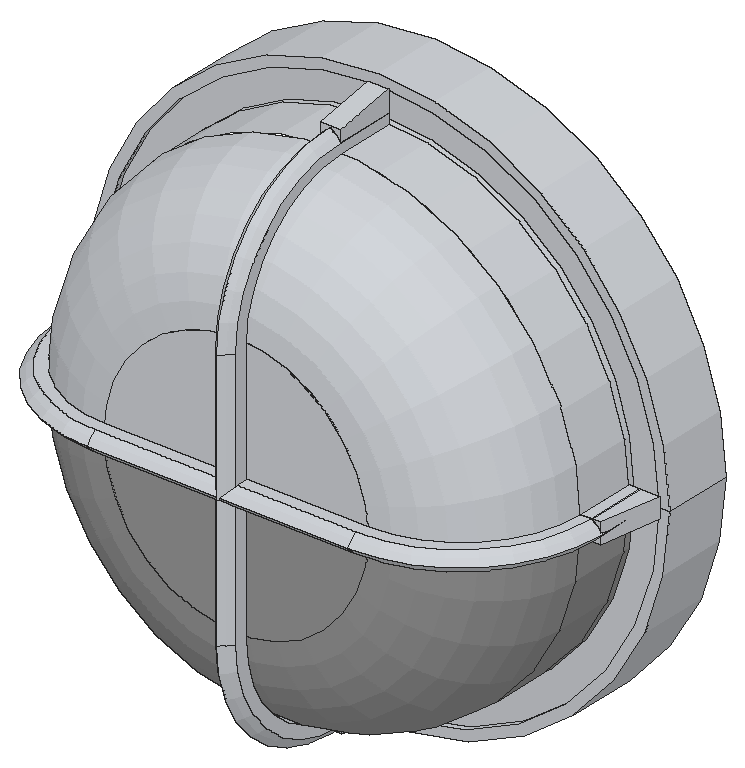
Revit family "O10-S290-E LED 500 AC 840 BL_Vertical Wall", category Lighting Fixtures, Revit 2016
Family settings
  Part Type = Normal
  Round Connector Dimension = Use Diameter
  OmniClass Number = 23.80.70.00
  OmniClass Title = Lighting
  Work Plane-Based = No
  Always vertical = Yes
  Cut with Voids When Loaded = No
  Light Source = Yes
  Shared = No
  Room Calculation Point = No
Parameters
  Wiring Accessories = ""
  Wattage Comments = ""
  Wattage = 12 W
  VoltageMax = 240 V
  built-in parameter 1150110 = 1 (stored number, unit not read)
  Voltage = 220 V
  UpdateDate = "27.04.2018 10:30:07"
  URL UK = "http://glamox.com/uk/products/O10-S290/items/O10314300"
  URL Sweden = "http://glamox.com/se/produkter/O10-S290/items/O10314300"
  URL Russia = "http://glamox.com/ru/products/O10-S290/items/O10314300"
  URL Other = "http://glamox.com/gsx/products/O10-S290/items/O10314300"
  URL Norway = "http://glamox.com/no/produkter/O10-S290/items/O10314300"
  URL Ireland = "http://glamox.com/ie/products/O10-S290/items/O10314300"
  URL Germany = "http://glamox.com/de/products/O10-S290/items/O10314300"
  URL Finland = "http://glamox.com/fi/products/O10-S290/items/O10314300"
  URL Estonia = "http://glamox.com/ee/products/O10-S290/items/O10314300"
  URL Denmark = "http://glamox.com/dk/produkter/O10-S290/items/O10314300"
  URL = ""
  TypeOfEmergency = ""
  TypeOfBallast = ""
  TotalWattage = 12 W
  Total Load = 12 W
  built-in parameter 1114217 = 1 (stored number, unit not read)
  Top Radius = Radius - 32.5 mm  # 112.5 mm
  Tilt Angle = 90.00°
  Termination = "5x2x2,5 PI"
  built-in parameter 1150109 = 1 (stored number, unit not read)
  built-in parameter 1150134 = (empty or 0)
  built-in parameter 1150113 = 1 (stored number, unit not read)
  Specification = "Outdoor product, in Aluminium, for Surface/Wall mounting, impact classification IK10, IP66, light source LED, lumen out 435lm, ballast type AC, with light source type CRI>80, 4000K, with Polycarbonate diffuser."
  Remark = ""
  RatedVoltage = 220 V
  PowerFactor = 98.00%
  Power Factor = 0.98
  Plug Type = ""
  Photometric Web File = "O10-S290-E-LED-500-840.ies"
  Optic = ""
  Number of Poles = 1
  NominalFrequencyRange = 50 Hz
  ModelReference = "O10-S290"
  ModelLabel = "O10-S290-E LED 500 AC 840 BL"
  Maximum TA = 40
  MaintenanceFactor = 0
  MFArtNo = "O10314300"
  LumDiameter = Diameter  # 290 mm
  Load Classification [instance] = Lighting
  Model = ""
  Manufacturer = "Glamox"
  Lumens = 435 lm
  built-in parameter 1150115 = 1 (stored number, unit not read)
  built-in parameter 1150105 = 34.616 (stored number, unit not read)
  LightFixturePlacingType = "WALL"
  LightFixtureMountingType = "SURFACE"
  built-in parameter 1150137 = (empty or 0)
  built-in parameter 1150139 = (empty or 0)
  LampBase = ""
  Lamp Wattage Comments = ""
  built-in parameter 1150112 = 1 (stored number, unit not read)
  built-in parameter 1150114 = 1 (stored number, unit not read)
  Lamp = "LED"
  built-in parameter 1150132 = 2
  built-in parameter 1150102 = (empty or 0)
  built-in parameter 1150138 = (empty or 0)
  built-in parameter 1150107 = 3000 (stored number, unit not read)
  built-in parameter 1150106 = 0.34616 (stored number, unit not read)
  IP_Code = "66"
  IPClass = "66"
  IK_Code = ""
  IFC Classification = "Light Fixture"
  Height = 149 mm
  GlobalTradeItemNumber = "4741145295499"
  Glamox Mounting = "Surface"
  Glamox Family = "O10-S290"
  Glamox Category = "Outdoor"
  FrequencyMax = 60 Hz
  Frequency = 50 Hz
  Expired = "0"
  Emit from Circle Diameter = LumDiameter  # 290 mm
  Emit Shape Visible in Rendering = yes
  built-in parameter 1150104 = 3.3677 (stored number, unit not read)
  ELNo Norway = ""
  ELNo Finland = ""
  EANNo = "4741145295499"
  DurationInBatteryMode = ""
  Dimming Lamp Color Temperature Shift = Incandescent Lamp Curve
  Diameter = 290 mm
  Description = "O10-S290-E LED 500 AC 840 BL"
  Cut Out = ""
  Completion = ""
  Color Filter = 16777215
  Radius = Diameter / 2  # 145 mm
  Body Material and Colour = Default
  built-in parameter 1114218 = 1 (stored number, unit not read)
  built-in parameter 1150133 = 10 (stored number, unit not read)
  Assembly Code = ""
  ArticleNumber = "O10314300"
  Apparent Load = Total Load / Power Factor  # 12.2449 VA
  #Ballast = 1
  # ballast on a MCB16 type C fuse = "176"
  # ballast on a MCB16 type B fuse = "130"
Reference planes
  plane 1 "Light Source Axis (F/B)": y = 0.31
  plane 2: z = 0
  plane 3 "Light Source Axis (L/R)": x = 0
  plane 4 "Light Source Elevation": z = 0
  plane 5: x = 0
  plane 6: y = 0.31
Forms (mm)
  Revolve 1, solid
    sketch origin (0, 0, -1.079) x (-1, 0, 0) y (0, -0.999999, -0.001408)
      loop
        arc (-66, 140.079) -> (-107.719, 122.798) -> (-125, 81.079) r 59
        line (-125, 81.079) -> (-125, 51.079) -> (-125, 48.126) -> (-140, 48.126) -> (-140, 51.079) -> (-145, 51.079) -> (-145, 16.079) -> (-125, 16.079) -> (-125, 0) -> (0, 0) -> (0, 140.079) -> (-66, 140.079)
      axis (0, 140.079) -> (0, 0)
    angle from 0 to 360
  Extrusion 2, solid
    sketch origin (0, 0, -1.079) x (-1, 0, 0) y (0, -0.999999, -0.001408)
      loop
        line (-140, 51.079) -> (-125, 51.079) -> (-125, 81.079) -> (-134.828, 81.079) -> (-140, 51.079)
    from -5 to 5
  Extrusion 3, solid
    sketch origin (0, 0, -1.079) x (1, 0, 0) y (0, 0.999999, 0.001408)
      loop
        line (-140, -51.079) -> (-134.916, -81.079) -> (-125, -81.079) -> (-125, -51.079) -> (-140, -51.079)
    from -5 to 5
  Extrusion 4, solid
    sketch origin (0, 0, -1.079) x (0, 0.001408, -0.999999) y (0, -0.999999, -0.001408)
      loop
        line (140, 51.079) -> (135.076, 81.079) -> (125.456, 81.079) -> (125.456, 51.079) -> (140, 51.079)
    from -5.31 to 4.69
  Extrusion 5, solid
    sketch origin (0, 0, -1.079) x (0, -0.001408, 0.999999) y (0, 0.999999, 0.001408)
      loop
        line (140, -51.079) -> (125, -51.079) -> (125, -81.079) -> (135.095, -81.079) -> (140, -51.079)
    from -5 to 5
  Sweep 6, solid
    path origin (0, 0, -1.079) x (-1, 0, 0) y (0, -0.999999, -0.001408)
      loop
        line (-130, 51.079) -> (-130, 81.079)
        arc (-130, 81.079) -> (-110.962, 127.041) -> (-65, 146.079) r 65
        line (-65, 146.079) -> (0, 146.079) -> (64.958, 146.079)
        arc (64.958, 146.079) -> (110.92, 127.041) -> (129.958, 81.079) r 65
        line (129.958, 81.079) -> (129.958, 51.079)
    profile origin (110.962, -127.041, -1.258) x (0.707107, -0.707106, -0.000995) y (0, -0.001408, 0.999999)
      loop
        line (-5.707, 5) -> (-5.707, -5) -> (0, -5)
        arc (0, -5) -> (3.052, -2.976) -> (5.564, -0.31) r 16
        arc (5.564, -0.31) -> (3.133, 2.528) -> (0.33, 5) r 26.787
        line (0.33, 5) -> (-5.707, 5)
  Sweep 7, solid
    path origin (0.31, -0.41, -2.314) x (0, -0.001408, 0.999999) y (0, -0.999999, -0.001408)
      loop
        line (-130, 51.079) -> (-130, 81.079)
        arc (-130, 81.079) -> (-110.962, 127.041) -> (-65, 146.079) r 65
        line (-65, 146.079) -> (0, 146.079) -> (64.958, 146.079)
        arc (64.958, 146.079) -> (110.92, 127.041) -> (129.958, 81.079) r 65
        line (129.958, 81.079) -> (129.958, 50.667)
    profile origin (0.31, -127.295, -113.455) x (0, -0.706111, -0.708102) y (1, 0, 0)
      loop
        line (-5.707, 5) -> (-5.707, -5) -> (0, -5)
        arc (0, -5) -> (3.052, -2.976) -> (5.564, -0.31) r 16
        arc (5.564, -0.31) -> (3.133, 2.528) -> (0.33, 5) r 26.787
        line (0.33, 5) -> (-5.707, 5)
Lines and regions (mm)
  symbolic lines
    curve 1: circle (0, 0.31, 0) r 145 normal (0, 0, -1)
    curve 2: line (0, 0.31, 0) -> (102.53, 102.841, 0)
    curve 3: line (0, 0.31, 0) -> (-102.53, 102.841, 0)
    curve 4: line (0, 0.31, 0) -> (-102.53, -102.22, 0)
    curve 5: line (0, 0.31, 0) -> (102.53, -102.22, 0)
Dimensions and locks
  aligned and locked: plane 3 "Light Source Axis (L/R)" to plane 5
  aligned and locked: plane 1 "Light Source Axis (F/B)" to plane 6
  aligned and locked: plane 4 "Light Source Elevation" to level
Connectors
  electrical at (0, 0, -1.079), driven by "Load Classification", driven by "Voltage", driven by "Apparent Load", driven by "Power Factor"
    settings: on Revolve 1, index 1, voltage 220 V, apparent load 0 VA, apparent load phase1 12.2449 VA, apparent load phase2 0 VA, apparent load phase3 0 VA, power factor 0.98, load classification "Lighting", number of poles 1, system type 31, power factor state 1, is connector primary yes, connector utility no, sub classification motor no, connector description ""
